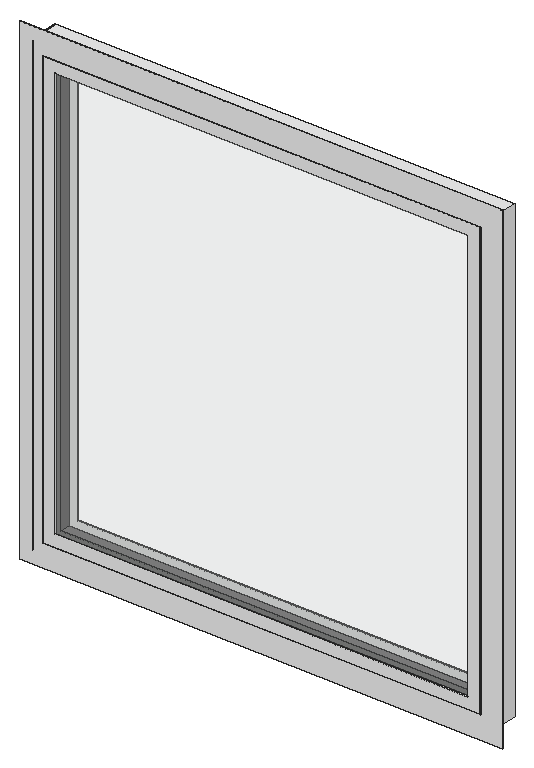
Revit family "Casement_34_F_Top_Hung_Standard", category Windows, host Wall, Revit 2014
Parameters (values of type "Casement_Sash_DG")
  Width Sash [instance] = 30 mm
  Width Sash Inner = 15 mm
  Width Bead = 15 mm
  Top Hung [instance] = yes
  Side Hung Right [instance] = yes
  Side Hung Left [instance] = yes
  Sash Opening Width [instance] = 600 mm
  Sash Opening Height [instance] = 600.312 mm
  Sash Lip = 15 mm
  Glazing Material [instance] = Glass
  DG Start Piece 2 [instance] = DG End Piece 1 + DG Gasket Thickness  # 25 mm
  DG Start Peice 1 [instance] = (Depth Sash - (2 * DG Glazing Thickness) - DG Gasket Thickness) / 2  # 6.6 mm
  Glazing Offset = 5 mm
  DG Glazing Thickness [instance] = 6.4 mm
  DG Gasket Thickness = 12 mm  # constant formula
  DG Gasket Material [instance] = Double Glazing Gasket Material
  DG End Piece 2 [instance] = DG Start Piece 2 + DG Glazing Thickness  # 31.4 mm
  DG End Piece 1 [instance] = DG Start Peice 1 + DG Glazing Thickness  # 13 mm
  Depth Sash [instance] = 38 mm
  Center Vertical Sash [instance] = Sash Opening Height / 2  # 300.156 mm
  Center Horizontal Sash [instance] = Sash Opening Width / 2  # 300 mm
  Bottom Hung [instance] = yes
  Bead Offset = 15 mm
  Aluminium Thickness = 1 mm
  Aluminium Material [instance] = White Powder Coated Aluminium
Reference planes
  plane 1 "Center (Front/Back)": y = 0
  plane 2: z = 0
  plane 3 "Center (Left/Right)": x = 0
Forms (mm)
  Sweep 1, solid, material "White Powder Coated Aluminium" <- "Aluminium Material"
    path origin (16.177, 0, 121.331) x (1, 0, 0) y (0, 0, 1)
      loop
        line (0, 0) -> (600, 0) -> (600, 600.312) -> (0, 600.312) -> (0, 0)
    profile origin (316.177, 0, 121.331) x (0, 0, 1) y (0, -1, 0)
      loop
        line (0, 0) -> (30, 0) -> (30, 1) -> (15, 1) -> (15, 38) -> (-15, 38) -> (-15, 37) -> (0, 37) -> (0, 0)
      loop
        line (14, 1) -> (14, 37) -> (1, 37) -> (1, 1) -> (14, 1)
  Sweep 2, solid, material "White Powder Coated Aluminium" <- "Aluminium Material"
    path origin (0, 0, 0) x (1, 0, 0) y (0, 0, 1)
      loop
        line (31.177, 706.643) -> (31.177, 136.331) -> (601.177, 136.331) -> (601.177, 706.643) -> (31.177, 706.643)
    profile origin (316.177, 0, 706.643) x (0, 0, 1) y (0, -1, 0)
      loop
        line (0, 37) -> (0, 38) -> (-15, 38) -> (-15, 37) -> (0, 37)
  Extrusion 3, solid, material "Glass" <- "Glazing Material"
    sketch origin (0, 0, 0) x (1, 0, 0) y (0, 0, 1)
      loop
        line (36.177, 701.643) -> (36.177, 141.331) -> (596.177, 141.331) -> (596.177, 701.643) -> (36.177, 701.643)
    from 6.6 <- "DG Start Peice 1" to 13 <- "DG End Piece 1"
  Extrusion 4, solid, material "Glass" <- "Glazing Material"
    sketch origin (0, 0, 0) x (1, 0, 0) y (0, 0, 1)
      loop
        line (36.177, 701.643) -> (36.177, 141.331) -> (596.177, 141.331) -> (596.177, 701.643) -> (36.177, 701.643)
    from 31.4 <- "DG End Piece 2" to 25 <- "DG Start Piece 2"
  Sweep 5, solid, material "Double Glazing Gasket Material" <- "DG Gasket Material"
    path origin (0, -13, 0) x (1, 0, 0) y (0, 0, 1)
      loop
        line (36.177, 701.643) -> (36.177, 141.331) -> (596.177, 141.331) -> (596.177, 701.643) -> (36.177, 701.643)
    profile origin (316.177, -13, 701.643) x (0, 0, 1) y (0, -1, 0)
      loop
        line (0, 0) -> (0, 12) -> (-7.96, 12) -> (-7.96, 0) -> (0, 0)
Lines and regions (mm)
  model lines
    curve 1: line (1.177, -38, 736.643) -> (31.177, -38, 706.643)
    curve 2: line (601.177, -38, 706.643) -> (631.177, -38, 736.643)
    curve 3: line (601.177, -38, 136.331) -> (631.177, -38, 106.331)
    curve 4: line (1.177, -38, 106.331) -> (31.177, -38, 136.331)
    curve 5: line (631.177, -37, 736.643) -> (616.177, -37, 721.643)
    curve 6: line (1.177, -37, 736.643) -> (16.177, -37, 721.643)
    curve 7: line (1.177, -37, 106.331) -> (16.177, -37, 121.331)
    curve 8: line (631.177, -37, 106.331) -> (616.177, -37, 121.331)
    curve 9: line (616.177, 0, 121.331) -> (586.177, 0, 151.331)
    curve 10: line (46.177, 0, 151.331) -> (16.177, 0, 121.331)
    curve 11: line (616.177, 0, 721.643) -> (586.177, 0, 691.643)
    curve 12: line (46.177, 0, 691.643) -> (16.177, 0, 721.643)
    curve 13: line (31.177, -38, 691.643) -> (46.177, -38, 691.643)
    curve 14: line (586.177, -38, 691.643) -> (601.177, -38, 691.643)
    curve 15: line (586.177, -38, 151.331) -> (601.177, -38, 151.331)
    curve 16: line (31.177, -38, 151.331) -> (46.177, -38, 151.331)
  model lines, style "GenericModelHiddenLines", visible <- "Top Hung"
    curve 17: line (46.386, -31.4, 690.914) -> (316.177, -31.4, 151.331)
    curve 18: line (316.177, -31.4, 151.331) -> (586.177, -31.4, 691.331)
  model lines, style "GenericModelHiddenLines", visible <- "Bottom Hung"
    curve 19: line (46.177, -31.4, 151.331) -> (316.177, -31.4, 691.331)
    curve 20: line (316.177, -31.4, 691.331) -> (586.177, -31.4, 151.331)
  model lines, style "GenericModelHiddenLines", visible <- "Side Hung Left"
    curve 21: line (46.386, -31.4, 690.914) -> (585.24, -31.4, 421.487)
    curve 22: line (585.24, -31.4, 421.487) -> (46.177, -31.4, 151.331)
  model lines, style "GenericModelHiddenLines", visible <- "Side Hung Right"
    curve 23: line (586.177, -31.4, 691.331) -> (46.177, -31.4, 421.487)
    curve 24: line (46.177, -31.4, 421.487) -> (586.177, -31.4, 151.331)
Dimensions and locks
  "Aluminium Thickness": Sweep 1 sketch curve to Sweep 1 sketch curve  (x4)
  "Depth Sash": Sweep 1 sketch curve to Sweep 1 sketch curve
  "Sash Opening Width": Sweep 1 to Sweep 1
  "Sash Opening Height": Sweep 1 to Sweep 1
  "Width Sash": Sweep 1 sketch curve to Sweep 1 sketch curve  (x2)
  "Width Sash Inner": Sweep 1 sketch curve to Sweep 1 sketch curve
  "Sash Lip": Sweep 1 sketch curve to Sweep 1 sketch curve
  "Aluminium Thickness": Sweep 1 to Sweep 2 sketch curve
  "Glazing Offset": Sweep 2 to Extrusion 3 sketch curve  (x3)
  "Glazing Offset": Extrusion 3 sketch curve to Sweep 2
  Sweep 1 to Sweep 1 = 1 mm
  "Aluminium Thickness": Sweep 2 sketch curve to Sweep 2 sketch curve
  "Width Bead": Sweep 2 sketch curve to Sweep 2 sketch curve
  locked: Sweep 5 sketch curve to Sweep 5 sketch curve at 7.96
  "Center Horizontal Sash": Sweep 1 to curve 18
  "Center Horizontal Sash": Sweep 1 to curve 20
  "Center Vertical Sash": Sweep 1 to curve 22
  "Center Vertical Sash": Sweep 1 to curve 24
  aligned and locked: level to plane 2
  aligned and locked: Sweep 1 sketch curve to Sweep 1 sketch curve  (x2)
  aligned and locked: Sweep 2 sketch curve to Sweep 1  (x5)
  aligned and locked: Extrusion 4 sketch curve to Extrusion 3  (x4)
  aligned and locked: Sweep 5 sketch curve to Extrusion 3  (x5)
  aligned and locked: Extrusion 3 to Sweep 5 sketch curve
Automatic sketch dimensions
  plane 3 "Center (Left/Right)" to Sweep 1 sketch curve = 16.177 mm
  level to Sweep 1 sketch curve = 121.331 mm
  plane 3 "Center (Left/Right)" to Sweep 1 sketch curve = 616.177 mm
  level to Sweep 1 sketch curve = 721.643 mm
  profile plane to Sweep 5 sketch curve = 12 mm
  curve 7 to Sweep 1 = 0 mm  (x4)
  curve 6 to Sweep 1 = 0 mm  (x3)
  Sweep 1 to curve 6 = 0 mm
  curve 5 to Sweep 1 = 0 mm  (x3)
  curve 8 to Sweep 1 = 0 mm  (x4)
  Sweep 1 to curve 5 = 0 mm
  curve 16 to Sweep 2 = 0 mm  (x3)
  curve 13 to Sweep 2 = 0 mm  (x3)
  curve 15 to Sweep 2 = 0 mm
  Sweep 2 to curve 15 = 0 mm  (x2)
  curve 14 to Sweep 2 = 0 mm  (x2)
  Sweep 2 to curve 14 = 0 mm
  curve 1 to Sweep 1 = 0 mm  (x4)
  curve 4 to Sweep 1 = 0 mm  (x3)
  Sweep 1 to curve 4 = 0 mm
  curve 3 to Sweep 1 = 0 mm  (x3)
  curve 2 to Sweep 1 = 0 mm  (x4)
  Sweep 1 to curve 3 = 0 mm
  curve 10 to Sweep 1 = 0 mm  (x4)
  curve 12 to Sweep 1 = 0 mm  (x3)
  Sweep 1 to curve 12 = 0 mm
  curve 9 to Sweep 1 = 0 mm  (x4)
  curve 11 to Sweep 1 = 0 mm  (x3)
  Sweep 1 to curve 11 = 0 mm
  Sweep 1 sketch curve to plane 1 "Center (Front/Back)" = 0 mm
  profile plane to Sweep 1 sketch curve = 0 mm
  curve 21 to Extrusion 4 = 10.208 mm
  curve 19 to Extrusion 4 = 10 mm
  curve 23 to Extrusion 4 = 10 mm  (x2)
  curve 22 to Extrusion 4 = 10.937 mm
  curve 20 to Extrusion 4 = 10 mm
  curve 24 to Extrusion 4 = 10 mm
  curve 22 to Extrusion 4 = 10 mm
  curve 18 to Extrusion 4 = 10 mm
  curve 21 to Extrusion 4 = 10.729 mm
  curve 19 to Extrusion 4 = 10.312 mm
  curve 18 to Extrusion 4 = 10.312 mm
Types in the file's own list only (6): name | Windload Design | Width Sash Right Opening | Width Sash Left Opening | Width Sash Right | Width Sash Left | Width Profile | Width Fixed Panel Right | Width Fixed Panel Left | Width Fixed Panel Center | Width | URL | Offset Window Exterior | Max System DG Unit Thickness | Max System DG One Piece Thickness | Max Pane Area | Intruderprufe U Value | Intruderprufe SHGC Value | Intruderprufe LowE U Value | Intruderprufe LowE SHGC Value | Height Fixed Panel Right | Height Fixed Panel Left | Height | Energy Advantage U Value | Energy Advantage SHGC Value | DG Thickness Calc | Custom Window Width | Custom Window Height | Window Exterior Offset | Custom Windload | Custom Sash Right Width | Custom Sash Right Height | Custom Sash Left Width | Custom Sash Left Height | Sash Spacing Inner | Sash Overlap | Sash Center Offset | SG Gasket Thickness | Offset Sash Side | Offset Sash Top | Offset Mullion Right | Offset Fixed Panel Center Left | Offset Mullion Left | Offset Transom Right Top | Offset Transom Left Top | Offset Bead Center Reversed | Model | Manufacturer | Limit Window Width Min | Limit Window Width Max | Limit Window Height Min | Limit Window Height Max | Limit Sash Width Min | Limit Sash Width Max | Limit Sash Height Min | Limit Sash Height Max | Limit Fixed Pane Width Min | Limit Fixed Pane Width Max | Limit Fixed Pane Height Min | Limit Fixed Pane Height Max | Length Transom Right | Length Transom Left | Length Mullion | Height Sash Right Opening | Height Sash Right | Height Sash Left Opening | Height Sash Left | Height Fixed Panel Center | Description | Depth Mullion | Frame Center Offset | Depth Bead | Default Sill Height | Wall Closure | DG Gasket Finish | DG Extrusion Start | Mullion Depth Windload Based | Clearvue U Value | Clearvue SHGC Value | Clearvue Insulated U Value | Clearvue Insulated SHGC Value | Clearvue Insulated LowE U Value | Clearvue Insulated LowE SHGC Value | Casement Dimension | Bottom Hung | Bead SG Gap | Area Pane Right Top | Area Pane Right Bottom | Area Pane Middle | Area Pane Left Top | Area Pane Left Bottom
  34-1809TT-1000Pa | 1000 mm | 554 mm | 554 mm | 524 mm | 524 mm | 30 mm | 540 mm | 540 mm | 590 mm | 1790 mm | "http://www.crealco.co.za/crealco-products.php" | 17 mm | 20 mm | 4 mm | 0.48 m² | 6.94 | 0.626 | 5.18 | 0.556 | 260 mm | 260 mm | 890 mm | 5.38 | 0.594 | 4 mm | 1790 mm | 890 mm | 0 mm | 1000 mm | 554 mm | 554 mm | 554 mm | 554 mm | 8 mm | 7 mm | 14 mm | 6 mm | 23 mm | 23 mm | 570 mm | 600 mm | 570 mm | 570 mm | 570 mm | 17 mm | "Casement 34" | "Crealco" | 1400 mm | 2700 mm | 830 mm | 1860 mm | 300 mm | 1200 mm | 300 mm | 900 mm | 200 mm | 1500 mm | 200 mm | 1800 mm | 540 mm | 540 mm | 890 mm | 554 mm | 524 mm | 554 mm | 524 mm | 830 mm | "Window 34mm, Type F top hung" | 35 mm | 17 mm | 20 mm | 800 mm | By host | Double Glazing Gasket Material | 7 mm | 35 mm | 6.95 | 0.663 | 4.73 | 0.59 | 4.09 | 0.537 | 34 mm | No | 13 mm | 0.23 m² | 0.13 m² | 0.48 m² | 0.23 m² | 0.13 m²
  34-1809TT-1500Pa | 1500 mm | 554 mm | 554 mm | 524 mm | 524 mm | 30 mm | 540 mm | 540 mm | 590 mm | 1790 mm | "http://www.crealco.co.za/crealco-products.php" | 17 mm | 20 mm | 4 mm | 0.48 m² | 6.94 | 0.626 | 5.18 | 0.556 | 260 mm | 260 mm | 890 mm | 5.38 | 0.594 | 4 mm | 1790 mm | 890 mm | 0 mm | 1500 mm | 554 mm | 554 mm | 554 mm | 554 mm | 8 mm | 7 mm | 14 mm | 6 mm | 23 mm | 23 mm | 570 mm | 600 mm | 570 mm | 570 mm | 570 mm | 17 mm | "Casement 34" | "Crealco" | 1400 mm | 2700 mm | 830 mm | 1860 mm | 300 mm | 1200 mm | 300 mm | 900 mm | 200 mm | 1500 mm | 200 mm | 1800 mm | 540 mm | 540 mm | 890 mm | 554 mm | 524 mm | 554 mm | 524 mm | 830 mm | "Window 34mm, Type F top hung" | 35 mm | 17 mm | 20 mm | 800 mm | By host | Double Glazing Gasket Material | 7 mm | 35 mm | 6.95 | 0.663 | 4.73 | 0.59 | 4.09 | 0.537 | 34 mm | No | 13 mm | 0.23 m² | 0.13 m² | 0.48 m² | 0.23 m² | 0.13 m²
  34-1809TT-2000Pa | 2000 mm | 554 mm | 554 mm | 524 mm | 524 mm | 30 mm | 540 mm | 540 mm | 590 mm | 1790 mm | "http://www.crealco.co.za/crealco-products.php" | 17 mm | 20 mm | 4 mm | 0.48 m² | 6.94 | 0.626 | 5.18 | 0.556 | 260 mm | 260 mm | 890 mm | 5.38 | 0.594 | 4 mm | 1790 mm | 890 mm | 0 mm | 2000 mm | 554 mm | 554 mm | 554 mm | 554 mm | 8 mm | 7 mm | 14 mm | 6 mm | 23 mm | 23 mm | 570 mm | 600 mm | 570 mm | 570 mm | 570 mm | 17 mm | "Casement 34" | "Crealco" | 1400 mm | 2700 mm | 830 mm | 1860 mm | 300 mm | 1200 mm | 300 mm | 900 mm | 200 mm | 1500 mm | 200 mm | 1800 mm | 540 mm | 540 mm | 890 mm | 554 mm | 524 mm | 554 mm | 524 mm | 830 mm | "Window 34mm, Type F top hung" | 35 mm | 17 mm | 20 mm | 800 mm | By host | Double Glazing Gasket Material | 7 mm | 35 mm | 6.95 | 0.663 | 4.73 | 0.59 | 4.09 | 0.537 | 34 mm | No | 13 mm | 0.23 m² | 0.13 m² | 0.48 m² | 0.23 m² | 0.13 m²
  34-2409TT-1000Pa | 1000 mm | 554 mm | 554 mm | 524 mm | 524 mm | 30 mm | 540 mm | 540 mm | 1190 mm | 2390 mm | "http://www.crealco.co.za/crealco-products.php" | 17 mm | 20 mm | 4 mm | 0.97 m² | 7.31 | 0.719 | 5.29 | 0.636 | 260 mm | 260 mm | 890 mm | 5.53 | 0.681 | 4 mm | 2390 mm | 890 mm | 0 mm | 1000 mm | 554 mm | 554 mm | 554 mm | 554 mm | 8 mm | 7 mm | 14 mm | 6 mm | 23 mm | 23 mm | 570 mm | 600 mm | 570 mm | 570 mm | 570 mm | 17 mm | "Casement 34" | "Crealco" | 1400 mm | 2700 mm | 830 mm | 1860 mm | 300 mm | 1200 mm | 300 mm | 900 mm | 200 mm | 1500 mm | 200 mm | 1800 mm | 540 mm | 540 mm | 890 mm | 554 mm | 524 mm | 554 mm | 524 mm | 830 mm | "Window 34mm, Type F top hung" | 35 mm | 17 mm | 20 mm | 800 mm | By host | Double Glazing Gasket Material | 7 mm | 35 mm | 7.35 | 0.76 | 4.75 | 0.675 | 4.02 | 0.614 | 34 mm | No | 13 mm | 0.23 m² | 0.13 m² | 0.97 m² | 0.23 m² | 0.13 m²
  34-2409TT-1500Pa | 1500 mm | 554 mm | 554 mm | 524 mm | 524 mm | 30 mm | 540 mm | 540 mm | 1190 mm | 2390 mm | "http://www.crealco.co.za/crealco-products.php" | 17 mm | 20 mm | 4 mm | 0.97 m² | 7.31 | 0.719 | 5.29 | 0.636 | 260 mm | 260 mm | 890 mm | 5.53 | 0.681 | 4 mm | 2390 mm | 890 mm | 0 mm | 1500 mm | 554 mm | 554 mm | 554 mm | 554 mm | 8 mm | 7 mm | 14 mm | 6 mm | 23 mm | 23 mm | 570 mm | 600 mm | 570 mm | 570 mm | 570 mm | 17 mm | "Casement 34" | "Crealco" | 1400 mm | 2700 mm | 830 mm | 1860 mm | 300 mm | 1200 mm | 300 mm | 900 mm | 200 mm | 1500 mm | 200 mm | 1800 mm | 540 mm | 540 mm | 890 mm | 554 mm | 524 mm | 554 mm | 524 mm | 830 mm | "Window 34mm, Type F top hung" | 35 mm | 17 mm | 20 mm | 800 mm | By host | Double Glazing Gasket Material | 7 mm | 35 mm | 7.35 | 0.76 | 4.75 | 0.675 | 4.02 | 0.614 | 34 mm | No | 13 mm | 0.23 m² | 0.13 m² | 0.97 m² | 0.23 m² | 0.13 m²
  34-2409TT-2000Pa | 2000 mm | 554 mm | 554 mm | 524 mm | 524 mm | 30 mm | 540 mm | 540 mm | 1190 mm | 2390 mm | "http://www.crealco.co.za/crealco-products.php" | 17 mm | 20 mm | 4 mm | 0.97 m² | 7.31 | 0.719 | 5.29 | 0.636 | 260 mm | 260 mm | 890 mm | 5.53 | 0.681 | 4 mm | 2390 mm | 890 mm | 0 mm | 2000 mm | 554 mm | 554 mm | 554 mm | 554 mm | 8 mm | 7 mm | 14 mm | 6 mm | 23 mm | 23 mm | 570 mm | 600 mm | 570 mm | 570 mm | 570 mm | 17 mm | "Casement 34" | "Crealco" | 1400 mm | 2700 mm | 830 mm | 1860 mm | 300 mm | 1200 mm | 300 mm | 900 mm | 200 mm | 1500 mm | 200 mm | 1800 mm | 540 mm | 540 mm | 890 mm | 554 mm | 524 mm | 554 mm | 524 mm | 830 mm | "Window 34mm, Type F top hung" | 35 mm | 17 mm | 20 mm | 800 mm | By host | Double Glazing Gasket Material | 7 mm | 35 mm | 7.35 | 0.76 | 4.75 | 0.675 | 4.02 | 0.614 | 34 mm | No | 13 mm | 0.23 m² | 0.13 m² | 0.97 m² | 0.23 m² | 0.13 m²
